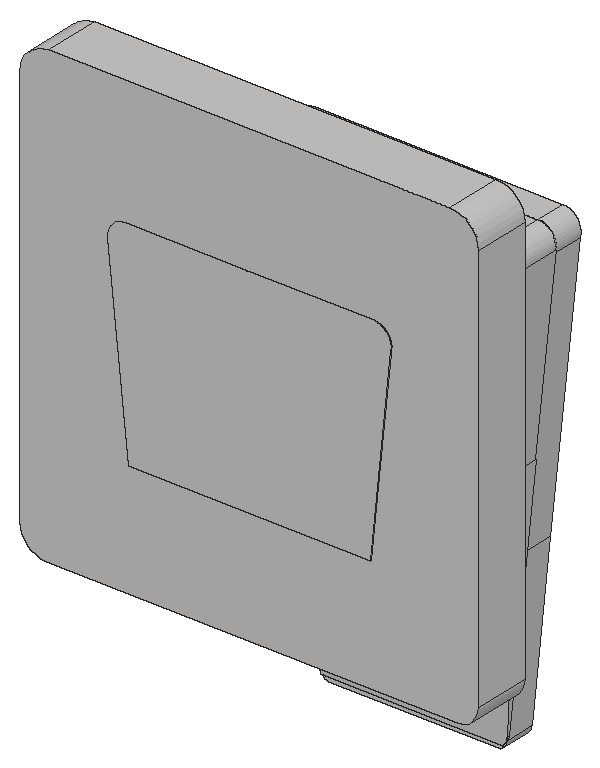
Revit family "CPT-1124_SPEC-06", category Plumbing Fixtures, host Wall, Revit 2023
Family settings
  Host = Wall
  Round Connector Dimension = Use Diameter
  Part Type = Normal
  OmniClass Number = 23.45.00.00
  OmniClass Title = Sanitary, Laundry, and Cleaning Equipment
  Enable Cutting in Views = No
  Always vertical = Yes
  Cut with Voids When Loaded = No
  Maintain Annotation Orientation = No
  Shared = No
  Room Calculation Point = No
Parameters
  Default Elevation = 0' - 0"
Reference planes (in)
  plane 1: y = 0
  plane 2 "Center (Left/Right)": x = -0.47711
  plane 3 "Back": y = 3
  plane 4: z = 36
  plane 5: x = 1.52289
  plane 6: x = -2.47711
  plane 7: z = 38
  plane 8: z = 34
  plane 9: y = 5.0625
  plane 10: y = 3.5
  plane 11: z = 32.6363
  plane 12: x = 0.42914
  plane 13: x = -1.38336
Forms (in)
  Extrusion 1, solid, material "1.Finish"
    sketch origin (-60, 3, 0) x (-1, 0, 0) y (0, 0, 1)
      loop
        arc (-61.27289, 38) -> (-61.44967, 37.92678) -> (-61.52289, 37.75) r 0.25
        line (-61.52289, 37.75) -> (-61.52289, 34.17959)
        arc (-61.52289, 34.17959) -> (-61.47029, 34.0526) -> (-61.3433, 34) r 0.17959
        line (-61.3433, 34) -> (-57.75338, 34)
        arc (-57.75338, 34) -> (-57.5904, 34.06751) -> (-57.52289, 34.23048) r 0.23048
        line (-57.52289, 34.23048) -> (-57.52289, 37.75)
        arc (-57.52289, 37.75) -> (-57.59611, 37.92678) -> (-57.77289, 38) r 0.25
        line (-57.77289, 38) -> (-61.27289, 38)
    from 0 to 0.5
  Extrusion 2, solid, material "1.Finish"
    sketch origin (-60, 3, 0) x (-1, 0, 0) y (0, 0, 1)
      loop
        arc (-58.71025, 32.7148) -> (-58.73245, 32.6644) -> (-58.77979, 32.6363) r 0.09022
        line (-58.77979, 32.6363) -> (-59.5268, 32.6363) -> (-60.26599, 32.6363)
        arc (-60.26599, 32.6363) -> (-60.31334, 32.6644) -> (-60.33553, 32.7148) r 0.09022
        line (-60.33553, 32.7148) -> (-60.49693, 34.25042) -> (-60.75203, 36.67754)
        arc (-60.75203, 36.67754) -> (-60.73401, 36.81985) -> (-60.60688, 36.8863) r 0.15484
        line (-60.60688, 36.8863) -> (-59.52289, 36.8863) -> (-58.44281, 36.8863)
        arc (-58.44281, 36.8863) -> (-58.32263, 36.82909) -> (-58.29125, 36.69974) r 0.15484
        line (-58.29125, 36.69974) -> (-58.54873, 34.25) -> (-58.70987, 32.71686)
    from 1.79083 to 2.0625
  Extrusion 3, solid, material "1.Finish"
    sketch origin (-60, 3, 0) x (-1, 0, 0) y (0, 0, 1)
      loop
        arc (-60.60688, 36.8863) -> (-60.72706, 36.82909) -> (-60.75844, 36.69974) r 0.15484
        line (-60.75844, 36.69974) -> (-60.57979, 35) -> (-58.47001, 35) -> (-58.28883, 36.71519)
        arc (-58.28883, 36.71519) -> (-58.32771, 36.83503) -> (-58.44281, 36.8863) r 0.15484
        line (-58.44281, 36.8863) -> (-59.52289, 36.8863) -> (-60.60688, 36.8863)
    from 0 to 1.79083
  Extrusion 4, solid, material "1.Finish"
    sketch origin (-0.47711, 0, 0) x (0, 1, 0) y (0, 0, 1)
      loop
        arc (4.48004, 34.86205) -> (4.60334, 34.74233) -> (4.64551, 34.57572) r 0.3152
        line (4.64551, 34.57572) -> (4.79083, 32.67046) -> (4.79083, 35) -> (4.47903, 35) -> (3.5, 35) -> (4.48004, 34.86205)
    from -1.11091 to 1.11579
  Extrusion 5, void
    sketch origin (-0.47711, 4.79083, 33.22896) x (0, 0, -1) y (1, 0, 0)
      loop
        line (0.58528, 1.11579) -> (-1.77104, 1.11579) -> (-1.77104, 1.06213) -> (0.47327, 0.82625)
        arc (0.47327, 0.82625) -> (0.55101, 0.78793) -> (0.58528, 0.70833) r 0.12527
        line (0.58528, 0.70833) -> (0.58528, 1.11579)
    from 0 to 1.29083
  Extrusion 6, solid, material "1.Finish"
    sketch origin (-60, 3, 0) x (-1, 0, 0) y (0, 0, 1)
      loop
        circle (-61.16796, 36.61612) r 0.13503
      loop
        circle (-61.16796, 36.61612) r 0.16628
    from 0.5 to 0.5292
  Extrusion 7, solid, material "1.Finish"
    sketch origin (59.04578, 3, 0) x (1, 0, 0) y (0, 0, -1)
      loop
        circle (-61.16796, -36.61612) r 0.13503
      loop
        circle (-61.16796, -36.61612) r 0.16628
    from 0.5 to 0.5292
  Extrusion 8, void
    sketch origin (-0.47711, 4.79083, 33.22896) x (0, 0, -1) y (1, 0, 0)
      loop
        line (-1.77104, -1.05288) -> (-1.77104, -1.19582) -> (0.5585, -1.19582) -> (0.5585, -0.80798) -> (-1.77104, -1.05288)
    from 0 to 1.29083
Cuts and joins
  Extrusion 5, Extrusion 8 cuts Extrusion 4
Text (in)
  text "Placement Side" at (0, 40.15149, 123.01588), in view "Right"
  text "Placement Side" at (-70.3804, 45.82615, 0), in view "Ref. Level"
  text "Placement Side" at (0, 47.49176, 113.10569), in view "Left"
Dimensions and locks (in)
  locked: plane 3 "Back" to host wall
  plane 11 to Extrusion 2 = 0' - 4 1/4"
  plane 6 to plane 5 = 0' - 4"
  plane 8 to plane 7 = 0' - 4"
  Extrusion 1 to plane 9 = 0' - 2 1/16"
  Extrusion 1 to Extrusion 1 = 0' - 0 1/2"
